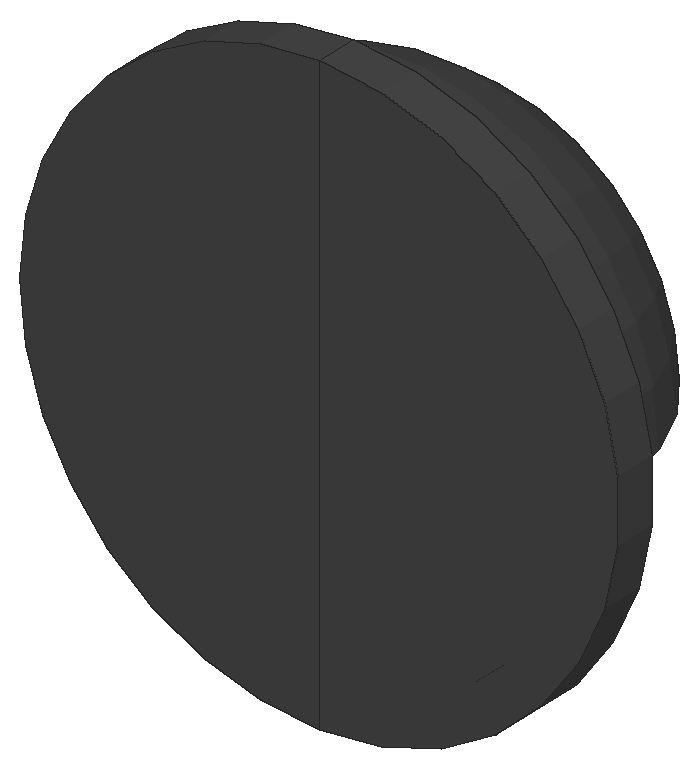
Revit family
Parameters (values of type "Wall Mounted")
  Wattage = 150 W
  built-in parameter 1150110 = 1 (stored number, unit not read)
  built-in parameter 1114217 = 1 (stored number, unit not read)
  built-in parameter 1150109 = 1 (stored number, unit not read)
  built-in parameter 1150134 = 3
  built-in parameter 1150113 = 1 (stored number, unit not read)
  Lumens = 2700 lm
  built-in parameter 1150115 = 1 (stored number, unit not read)
  built-in parameter 1150105 = 859.44 (stored number, unit not read)
  Light Source Symbol Size = 609.6 mm
  built-in parameter 1150137 = (empty or 0)
  built-in parameter 1150139 = (empty or 0)
  Light Fixture Material = Metal - Black
  built-in parameter 1150112 = 1 (stored number, unit not read)
  built-in parameter 1150114 = 1 (stored number, unit not read)
  Lamp Glass Material = Glass - White Frosted
  built-in parameter 1150132 = (empty or 0)
  built-in parameter 1150102 = (empty or 0)
  built-in parameter 1150138 = (empty or 0)
  built-in parameter 1150107 = 3200 (stored number, unit not read)
  built-in parameter 1150106 = 8.5944 (stored number, unit not read)
  Fixture Height = 1800 mm
  built-in parameter 1150104 = 1.6723 (stored number, unit not read)
  Dimming Lamp Color Temperature Shift = (empty or 0)
  Color Filter = 16777215
  built-in parameter 1114218 = 1 (stored number, unit not read)
  built-in parameter 1150133 = 10 (stored number, unit not read)
Reference planes
  plane 1: y = 0
  plane 2 "Light Source Axis (L/R)": x = 125
  plane 3 "Light Sheet Metal": y = 150
  plane 4 "Light Source Elevation": z = 2278.661
  plane 5: y = 125
  plane 6: z = 478.661
  plane 7 "Light Source Axis (F/R)": y = 300
Forms (mm)
  Revolve 1, solid, material "Metal - Black" <- "Light Fixture Material"
    sketch origin (125, 0, 3600) x (0, 1, 0) y (0, 0, -1)
      loop
        line (125, 1321.339) -> (130, 1321.339) -> (130, 1471.339) -> (150, 1471.339) -> (150, 1496.339) -> (125, 1496.339) -> (125, 1321.339)
      axis (125, 1321.339) -> (150, 1321.339)
    angle from 0 to 360
  Revolve 2, solid, material "Glass - White Frosted" <- "Lamp Glass Material"
    sketch origin (125, 0, 3600) x (0, 1, 0) y (0, 0, -1)
      loop
        line (130, 1471.339) -> (130, 1321.339) -> (280, 1321.339)
        arc (280, 1321.339) -> (243.359, 1420.917) -> (150, 1471.339) r 150
        line (150, 1471.339) -> (130, 1471.339)
      axis (130, 1321.339) -> (280, 1321.339)
    angle from 0 to 360
  Revolve 3, solid, material "Metal - Black" <- "Light Fixture Material"
    sketch origin (125, 0, 3600) x (0, 1, 0) y (0, 0, 1)
      loop
        arc (150, -1481.422) -> (250.563, -1428.063) -> (290.189, -1321.339) r 160
        line (290.189, -1321.339) -> (280.189, -1321.339)
        arc (280.189, -1321.339) -> (243.477, -1420.974) -> (150, -1471.339) r 150
        line (150, -1471.339) -> (150, -1481.422)
      axis (150, -1321.339) -> (290.189, -1321.339)
    angle from 270 to 90
Lines and regions (mm)
  Masking region 1
    outline origin (0, 0, 478.661) x (1, 0, 0) y (0, 1, 0)
      loop
        line (-50, 125) -> (300, 125) -> (300, 150) -> (285.083, 150)
        arc (285.083, 150) -> (231.067, 249.814) -> (125, 290.189) r 163.028
        arc (125, 290.189) -> (18.276, 250.563) -> (-35.083, 150) r 160
        line (-35.083, 150) -> (-50, 150) -> (-50, 125)
  symbolic lines
    curve 1: line (-50, 150, 478.661) -> (300, 150, 478.661)
    curve 2: line (-50, 125, 478.661) -> (-50, 150, 478.661)
    curve 3: line (300, 125, 478.661) -> (-50, 125, 478.661)
    curve 4: line (300, 150, 478.661) -> (300, 125, 478.661)
    curve 5: arc (-35.083, 150, 478.661) -> (18.276, 250.563, 478.661) -> (125, 290.189, 478.661) r 160
    curve 6: arc (125, 290.189, 478.661) -> (231.067, 249.814, 478.661) -> (285.083, 150, 478.661) r 163.028
Text (mm)
  text "Placement Side" at (-1787.139, 1116.779, 0), in view "Ref. Level."
  text "Placement Side" at (0, 2110.396, 2986.058), in view "Left"
  text "Placement Side" at (0, 628.478, 3011.967), in view "Right"
Dimensions and locks
  "Fixture Height": plane 4 "Light Source Elevation" to level
  "Fixture Height": plane 6 to plane 4 "Light Source Elevation"
  locked: plane 7 "Light Source Axis (F/R)" to plane 3 "Light Sheet Metal" at 150
  locked: Revolve 2 to Revolve 1 sketch curve at 5
  locked: plane 3 "Light Sheet Metal" to plane 5 at 25
  aligned and locked: plane 2 "Light Source Axis (L/R)" to imposter light
  aligned and locked: plane 4 "Light Source Elevation" to imposter light
  aligned and locked: plane 3 "Light Sheet Metal" to imposter light
  aligned and locked: host wall to plane 5
  aligned and locked: curve 1 to Revolve 1
  aligned and locked: Revolve 1 to curve 4
  aligned and locked: Masking region 1 sketch curve to Revolve 1
  aligned and locked: Masking region 1 sketch curve to curve 5
  aligned and locked: Masking region 1 sketch curve to curve 6
Automatic sketch dimensions
  Revolve 3 sketch curve to Revolve 3 sketch curve = 0 mm  (x2)
  Revolve 3 sketch curve to plane 4 "Light Source Elevation" = 0 mm  (x2)
  Revolve 3 sketch curve to plane 3 "Light Sheet Metal" = 0 mm
  Revolve 3 sketch curve to plane 4 "Light Source Elevation" = 1.313 mm
  host wall to Revolve 3 sketch curve = 5.195 mm
  host wall to Revolve 3 sketch curve = 15 mm
  Revolve 3 sketch curve to plane 3 "Light Sheet Metal" = 130.189 mm
  Revolve 3 sketch curve to Revolve 3 sketch curve = 10 mm
  Revolve 3 sketch curve to Revolve 3 sketch curve = 139.811 mm
  Revolve 1 sketch curve to host wall = 0 mm
  Revolve 1 sketch curve to plane 4 "Light Source Elevation" = 0 mm  (x2)
  Revolve 1 sketch curve to plane 3 "Light Sheet Metal" = 0 mm
  Revolve 1 sketch curve to Revolve 1 sketch curve = 5 mm
  Revolve 1 sketch curve to plane 7 "Light Source Axis (F/R)" = 20 mm
  Revolve 1 sketch curve to plane 4 "Light Source Elevation" = 150 mm
  Revolve 1 sketch curve to Revolve 1 sketch curve = 25 mm
  Revolve 2 sketch curve to plane 4 "Light Source Elevation" = 0 mm  (x2)
  Revolve 2 sketch curve to plane 3 "Light Sheet Metal" = 0 mm
  Revolve 2 sketch curve to plane 4 "Light Source Elevation" = 1.339 mm
  Revolve 2 sketch curve to Revolve 2 sketch curve = 0.006 mm
  host wall to Revolve 2 sketch curve = 145 mm
  Revolve 2 sketch curve to plane 7 "Light Source Axis (F/R)" = 20 mm
  plane 7 "Light Source Axis (F/R)" to Revolve 2 sketch curve = 290 mm
  host wall to Revolve 2 sketch curve = 5 mm
  curve 5 to plane 2 "Light Source Axis (L/R)" = 0 mm
  curve 6 to plane 2 "Light Source Axis (L/R)" = 0 mm
  curve 5 to plane 2 "Light Source Axis (L/R)" = 1.313 mm
  curve 6 to plane 2 "Light Source Axis (L/R)" = 1.338 mm
  curve 2 to curve 5 = 14.917 mm
  curve 6 to curve 3 = 14.917 mm
  host wall to curve 6 = 2.167 mm
  curve 6 to curve 5 = 3.028 mm
  Masking region 1 sketch curve to plane 3 "Light Sheet Metal" = 0 mm  (x2)
  Masking region 1 sketch curve to Masking region 1 sketch curve = 14.917 mm  (x2)
